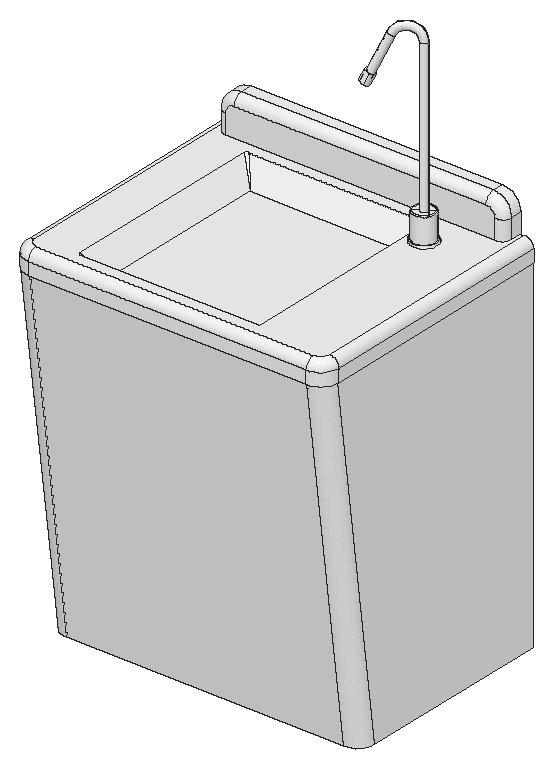
Revit family "NBS_HeatraeSadia_DrnkngFntnPckgs_Superchill_25W", category Plumbing Fixtures, Revit 2014
Parameters (values of type "Superchill25W")
  Width = 432.00 mm
  Weight = "27 kg (full)"
  WaterChillingSystem = "Tubular direct grade 304 (1.4301) stainless steel chilling coil"
  Waste Connection = yes
  WarrantyStartDate = "1900-12-31T23:59:59"
  WarrantyGuarantorParts [instance] = "n/a"
  WarrantyGuarantorLabor = "n/a"
  WarrantyDurationUnit = "year"
  WarrantyDurationParts = "2"
  WarrantyDurationLabor = "2"
  WarrantyDescription = "n/a"
  Version = "1"  # constant formula
  Vent Connection = no
  UsageCurrent = 0
  Uniclass2015Version = "Products v1.1"  # constant formula
  Uniclass2015Reference = "Pr_40_20_87_24"
  Uniclass2015Description = "Drinking fountains"
  Uniclass2 = "45-90-46/428"
  ThirdPartyCertification = "WRAS listed"
  TagNumber [instance] = "n/a"
  SustainabilityPerformance = "n/a"
  SupplyPressureRange = "1.0-3.5 bar"
  StorageWaterHeaterMaterial = NBS_Concept
  Size = "775 x 432 x 360 mm"
  Shape = "n/a"
  SerialNumber [instance] = "n/a"
  Revision = "n/a"
  ReplacementCost = "n/a"
  ProductInformation = "www.heatraesadia.com/docs/Drinking_water_brochure.pdf"
  PhaseReference = "n/a"
  PhaseAngle = 0.00°
  OutletTemperatureRange = "6-12°C"
  NumberOfPoles = 0
  NominalWidth = Depth  # 360.00 mm
  NominalVoltage = "230.0, 240.0"
  NominalLength = Width  # 432.00 mm
  NominalHeight = Height  # 775.00 mm
  NominalFrequencyRange = "0"
  NominalCurrent = 0
  Name = "DrinkingFountainPackages_Superchill25W_HeatraeSadia"
  NBSTypeID = "n/a"
  NBSReference = "45-35-70/400"
  NBSOfficeMasterTag = "n/a"
  NBSNote = "n/a"
  NBSDescription = "Drinking fountain packages"
  NBSCertification = "http://www.nationalbimlibrary.com/cert/n3ol4geo"
  MountingHeight [instance] = 1000.00 mm
  ModelReference = "Superchill 25W"
  ModelNumber = "95:200:226"
  Material = "Outer casing: Stainless steel effect plastic-coated, corrosion proofed steel; Water collection sink: Stainless steel"
  ManufacturerURL = "www.heatraesadia.com"
  ManufacturerName = "Heatrae Sadia"  # constant formula
  Manufacturer = "specifier@heatraesadia.com"
  IntegralAccessories = "Cup holder (95:970:127)"
  InsulationStandardClass = "n/a"
  InstallationDate [instance] = "1900-12-31T23:59:59"
  In-lineFilterSystem = "Factory-fitted Everpure QL3 head with replaceable cartridge (Everpure 4C), 0.5 micron filtration, taste and odour eliminating"
  IfcExportType = "FREESTANDINGWATERCOOLER"  # constant formula
  IfcExportAs = "IfcElectricApplianceType"  # constant formula
  IPCode = "IPX2"
  Height = 775.00 mm
  HasProtectiveEarth = no
  HW Connection = no
  Grade = "n/a"
  FormWaterSupply = "Chilled, filtered supply to jet"
  FormWastes = "Integral 1¼\" BSP waste outlet connection"
  FormUnit = "Wall mounted"
  FlowRate = "25 L/hr"
  Finish = "Brushed"
  Features = "For use at any height, supplied with both a filler tap and water fountain, factory-fitted with in-line water filter for added water purity, fan-cooled condenser"
  ExpectedLife = "n/a"
  ElectricalDeviceNominalPower = 0
  DurationUnit = "year"
  Description = "Chilled drinking water fountain"
  Depth = 360.00 mm
  Controls = "Lever-operated filler tap and push button"
  Constituents = "n/a"
  Connections = "8 mm female push fit inlet connection with supplied 8 mm male adapter, 24 mm drain tube"
  CompressorPower = "1/6 hp"
  Color = "Natural"
  CodePerformance = "n/a"
  Category = "n/a"
  CW Connection = yes
  BodyHeight = Height - 270.00 mm  # 505.00 mm
  BarCode [instance] = "n/a"
  BIMObjectName = "NBS_HeatraeSadia_DrinkingFountainPackages_Superchill25W"
  Author = "NBS"  # constant formula
  AssetType = "Fixed"
  AssetIdentifier [instance] = "n/a"
  AccessibilityPerformance = "n/a"
Reference planes
  plane 1 "Center (Front/Back)": y = 0
  plane 2: z = 0
  plane 3 "Center (Left/Right)": x = 0
  plane 4: y = -180
  plane 5: x = -216
  plane 6: x = 216
  plane 7: z = 1000
  plane 8: y = 180
  plane 9: z = 970
  plane 10: z = 1270
  plane 11: y = -115
  plane 12: z = 495
  plane 13: through (164.755, 127.12, 1200) normal (0.5238, -0.8518, 0)
Forms (mm)
  Sweep 1, solid, material "NBS_Concept" <- "StorageWaterHeaterMaterial", detail levels medium+fine
    path origin (-136, -1524, 970) x (0, -1, 0) y (1, 0, 0)
      loop
        line (-1704, -80) -> (-1368.885, -80)
        arc (-1368.885, -80) -> (-1351.289, -72.711) -> (-1344, -55.115) r 24.885
        line (-1344, -55.115) -> (-1344, 327.115)
        arc (-1344, 327.115) -> (-1351.289, 344.711) -> (-1368.885, 352) r 24.885
        line (-1368.885, 352) -> (-1704, 352)
    profile origin (-216, 12.442, 970) x (1, 0, 0) y (0, 0, 1)
      loop
        line (24.375, 30) -> (12.643, 30)
        arc (12.643, 30) -> (3.703, 26.297) -> (0, 17.357) r 12.643
        line (0, 17.357) -> (0, 0) -> (24.375, 0) -> (24.375, 30)
  Extrusion 2, solid, material "NBS_Concept" <- "StorageWaterHeaterMaterial", detail levels medium+fine
    sketch origin (-136, -1524, 970) x (0, -1, 0) y (-1, 0, 0)
      loop
        line (-1368.885, 55.625) -> (-1704, 55.625) -> (-1704, -327.625) -> (-1368.885, -327.625)
        arc (-1368.885, -327.625) -> (-1368.524, -327.476) -> (-1368.375, -327.115) r 0.51
        line (-1368.375, -327.115) -> (-1368.375, 55.115)
        arc (-1368.375, 55.115) -> (-1368.524, 55.476) -> (-1368.885, 55.625) r 0.51
    from -30 to 0
  Blend 3, solid, material "NBS_Concept" <- "StorageWaterHeaterMaterial", detail levels medium+fine
    base sketch origin (-136, -1524, 970) x (0, -1, 0) y (1, 0, 0)
      loop
        line (-1345, -55.115) -> (-1345, 327.115)
        arc (-1345, 327.115) -> (-1351.996, 344.004) -> (-1368.885, 351) r 23.885
        line (-1368.885, 351) -> (-1704, 351) -> (-1704, -79) -> (-1368.885, -79)
        arc (-1368.885, -79) -> (-1351.996, -72.004) -> (-1345, -55.115) r 23.885
    top sketch origin (-136, -1524, 970) x (0, -1, 0) y (1, 0, 0)
      loop
        line (-1409, -55.115) -> (-1409, 327.115)
        arc (-1409, 327.115) -> (-1415.996, 344.004) -> (-1432.885, 351) r 23.885
        line (-1432.885, 351) -> (-1704, 351) -> (-1704, -79) -> (-1432.885, -79)
        arc (-1432.885, -79) -> (-1415.996, -72.004) -> (-1409, -55.115) r 23.885
    from 0 to -475
  Blend 4, void
    base sketch origin (-136, -1524, 970) x (0, -1, 0) y (1, 0, 0)
      loop
        arc (-1661.162, -5.293) -> (-1659.991, -8.121) -> (-1657.162, -9.293) r 4
        line (-1657.162, -9.293) -> (-1375.186, -9.293)
        arc (-1375.186, -9.293) -> (-1372.357, -8.121) -> (-1371.186, -5.293) r 4
        line (-1371.186, -5.293) -> (-1371.186, 240.661) -> (-1661.162, 240.661) -> (-1661.162, -5.293)
    top sketch origin (-136, -1524, 970) x (0, -1, 0) y (1, 0, 0)
      loop
        line (-1395.282, 14.804) -> (-1395.282, 216.564) -> (-1637.066, 216.564) -> (-1637.066, 14.804) -> (-1395.282, 14.804)
    from 30 to 0
  Revolve 5, solid, material "NBS_Concept" <- "StorageWaterHeaterMaterial", detail levels fine
    sketch origin (101.838, 88.432, 1200) x (0.851837, 0.523807, 0) y (0, 0, 1)
      loop
        arc (15.137, -162) -> (14.429, -162.293) -> (14.137, -163) r 1
        line (14.137, -163) -> (14.137, -197) -> (11.701, -197)
        arc (11.701, -197) -> (11.46, -198.517) -> (11.058, -200) r 14.354
        line (11.058, -200) -> (23.913, -200) -> (23.913, -162) -> (15.137, -162)
      axis (28.913, -162) -> (28.913, -200)
    angle from 0 to 360
  Sweep 6, solid, material "NBS_Concept" <- "StorageWaterHeaterMaterial"
    path origin (164.755, 127.12, 1200) x (0.851837, 0.523807, 0) y (0, 0, 1)
      loop
        line (-44.947, -200) -> (-44.947, 46.595)
        arc (-44.947, 46.595) -> (-59.368, 64.564) -> (-80.032, 54.374) r 18.405
        line (-80.032, 54.374) -> (-109.223, -8.226)
    profile origin (126.468, 103.577, 1123.298) x (-0.851837, -0.523807, 0) y (0.523807, -0.851837, 0)
      loop
        circle (0, 0) r 5
  Extrusion 7, solid, material "NBS_Concept" <- "StorageWaterHeaterMaterial", detail levels fine
    sketch origin (71.715, 69.909, 1191.774) x (0.523807, -0.851837, 0) y (-0.772027, -0.47473, 0.422618)
      loop
        circle (0, 0) r 5
      loop
        circle (0, 0) r 6.5
    from 0 to -14.857
  Sweep 8, solid, material "NBS_Concept" <- "StorageWaterHeaterMaterial", detail levels medium+fine
    path origin (-1338.894, 180, 1200) x (-1, 0, 0) y (0, 0, 1)
      loop
        line (-1140.808, -200) -> (-1140.808, -173.122)
        arc (-1140.808, -173.122) -> (-1148.097, -155.523) -> (-1165.696, -148.234) r 24.888
        line (-1165.696, -148.234) -> (-1512.13, -148.234)
        arc (-1512.13, -148.234) -> (-1529.728, -155.523) -> (-1537.017, -173.122) r 24.888
        line (-1537.017, -173.122) -> (-1537.017, -200)
    profile origin (0.018, 180, 1051.766) x (0, 0, -1) y (0, 1, 0)
      loop
        arc (0, -15.165) -> (3.718, -24.141) -> (12.694, -27.859) r 12.694
        line (12.694, -27.859) -> (12.694, 0) -> (0, 0) -> (0, -15.165)
  Extrusion 9, solid, material "NBS_Concept" <- "StorageWaterHeaterMaterial", detail levels medium+fine
    sketch origin (-1338.894, 180, 1200) x (-1, 0, 0) y (0, 0, 1)
      loop
        arc (-1153.502, -173.122) -> (-1157.073, -164.499) -> (-1165.696, -160.928) r 12.194
        line (-1165.696, -160.928) -> (-1512.13, -160.928)
        arc (-1512.13, -160.928) -> (-1520.752, -164.499) -> (-1524.323, -173.122) r 12.194
        line (-1524.323, -173.122) -> (-1524.323, -200) -> (-1153.502, -200) -> (-1153.502, -173.122)
    from -27.859 to 0
  Extrusion 10, solid, material "NBS_Concept" <- "StorageWaterHeaterMaterial", detail levels coarse
    sketch origin (-136, -1524, 970) x (0, -1, 0) y (-1, 0, 0)
      loop
        line (-1704, 80) -> (-1704, -352) -> (-1344, -352) -> (-1344, 80) -> (-1704, 80)
    from -30 to 0
  Extrusion 11, solid, material "NBS_Concept" <- "StorageWaterHeaterMaterial", detail levels coarse
    sketch origin (-1338.894, 180, 1200) x (-1, 0, 0) y (0, 0, 1)
      loop
        line (-1140.808, -200) -> (-1140.808, -148.234) -> (-1537.017, -148.234) -> (-1537.017, -200) -> (-1140.808, -200)
    from -27.859 to 0
  Blend 12, solid, material "NBS_Concept" <- "StorageWaterHeaterMaterial", detail levels coarse
    base sketch origin (-136, -1524, 970) x (0, -1, 0) y (1, 0, 0)
      loop
        line (-1704, -79) -> (-1345, -79) -> (-1345, 351) -> (-1704, 351) -> (-1704, -79)
    top sketch origin (-136, -1524, 970) x (0, -1, 0) y (1, 0, 0)
      loop
        line (-1409, 352) -> (-1704, 352) -> (-1704, -80) -> (-1409, -80) -> (-1409, 352)
    from 0 to -475
  Extrusion 13, solid, not visible, detail levels coarse
    sketch origin (-136, -1524, 970) x (0, -1, 0) y (-1, 0, 0)
      loop
        circle (-1653.75, 10) r 4
      loop
        circle (-1616.499, -34.353) r 4.763
    from 470 to 475
Cuts and joins
  Blend 4 cuts Extrusion 2
  joined: Sweep 1, Extrusion 2
  joined: Sweep 8, Extrusion 9
  Blend 4 cuts Extrusion 10
Dimensions and locks
  equal spacing: plane 5, plane 3 "Center (Left/Right)", plane 6
  "Width": plane 5 to plane 6
  equal spacing: plane 8, plane 1 "Center (Front/Back)", plane 4
  "Depth": plane 8 to plane 4
  locked: plane 7 to plane 9 at 30
  locked: plane 8 to plane 11 at 295
  "MountingHeight": plane 7 to level
  "BodyHeight": plane 7 to plane 12
  "Height": plane 10 to plane 12
  locked: Extrusion 13 to plane 12 at 5
  aligned and locked: level to plane 2
  aligned and locked: Sweep 1 sketch curve to plane 5
  aligned and locked: Sweep 1 sketch curve to plane 4
  aligned and locked: plane 6 to Sweep 1 sketch curve
  aligned and locked: plane 8 to Sweep 1 sketch curve  (x2)
  aligned and locked: plane 5 to Sweep 1 sketch curve
  aligned and locked: plane 7 to Sweep 1 sketch curve
  aligned and locked: plane 9 to Sweep 1 sketch curve
  aligned and locked: Extrusion 2 to plane 7
  aligned and locked: plane 9 to Extrusion 2
  aligned and locked: Blend 3 sketch curve to plane 8
  aligned and locked: plane 8 to Blend 3 sketch curve
  aligned and locked: Blend 3 to plane 9
  aligned and locked: plane 9 to Blend 4
  aligned and locked: Blend 4 to plane 7
  aligned and locked: Extrusion 7 to Sweep 6
  aligned and locked: plane 7 to Extrusion 9 sketch curve
  aligned and locked: Extrusion 9 to Sweep 8
  aligned and locked: plane 8 to Extrusion 9
  aligned and locked: Blend 3 to plane 12
  aligned and locked: plane 5 to Extrusion 10 sketch curve
  aligned and locked: plane 4 to Extrusion 10 sketch curve
  aligned and locked: Extrusion 10 sketch curve to plane 6
  aligned and locked: Extrusion 10 sketch curve to plane 8
  aligned and locked: plane 9 to Extrusion 10
  aligned and locked: Extrusion 10 to plane 7
  aligned and locked: Extrusion 11 sketch curve to cut or joined group of Sweep 8, Extrusion 9  (x2)
  aligned and locked: Extrusion 11 to cut or joined group of Sweep 8, Extrusion 9
  aligned and locked: plane 8 to Extrusion 11
  aligned and locked: Blend 12 sketch curve to plane 8  (x2)
  aligned and locked: Blend 12 sketch curve to plane 11
  aligned and locked: plane 5 to Blend 12 sketch curve
  aligned and locked: Blend 12 sketch curve to plane 6
  aligned and locked: Blend 12 to plane 12
  aligned and locked: Blend 12 to plane 9
  aligned and locked: Blend 3 to Extrusion 13
Automatic sketch dimensions
  plane 4 to Sweep 1 sketch curve = 24.885 mm
  Sweep 1 sketch curve to plane 6 = 24.885 mm
  Sweep 1 sketch curve to Sweep 1 sketch curve = 12.643 mm
  Sweep 1 sketch curve to Sweep 1 sketch curve = 11.732 mm
  Extrusion 2 sketch curve to plane 8 = 0.00 mm
  plane 4 to Extrusion 2 sketch curve = 24.885 mm  (x2)
  Extrusion 2 sketch curve to Extrusion 2 sketch curve = 0.51 mm
  plane 5 to Extrusion 2 sketch curve = 24.375 mm
  Extrusion 2 sketch curve to plane 6 = 24.885 mm
  plane 4 to Blend 3 sketch curve = 24.885 mm  (x2)
  plane 4 to Blend 3 sketch curve = 1.00 mm
  Blend 3 sketch curve to plane 6 = 1.00 mm  (x2)
  plane 4 to Blend 3 sketch curve = 88.885 mm
  plane 5 to Blend 3 sketch curve = 1.00 mm
  Blend 4 sketch curve to plane 8 = 42.838 mm
  Blend 4 sketch curve to Blend 4 sketch curve = 4.00 mm  (x2)
  plane 4 to Blend 4 sketch curve = 31.186 mm
  plane 11 to Blend 4 sketch curve = 13.718 mm
  Blend 4 sketch curve to plane 8 = 66.934 mm
  plane 3 "Center (Left/Right)" to Blend 4 sketch curve = 80.564 mm
  plane 7 to Revolve 5 sketch curve = 0.00 mm  (x2)
  Revolve 5 sketch curve to plane 7 = 4.49 mm
  Revolve 5 sketch curve to Revolve 5 sketch curve = 13.634 mm
  Revolve 5 sketch curve to plane 7 = 3.00 mm
  Revolve 5 sketch curve to Revolve 5 sketch curve = 2.436 mm
  Revolve 5 sketch curve to Revolve 5 sketch curve = 1.00 mm
  Revolve 5 sketch curve to Revolve 5 sketch curve = 8.777 mm
  Revolve 5 sketch curve to Revolve 5 sketch curve = 34.00 mm
  Revolve 5 sketch curve to Revolve 5 sketch curve = 5.00 mm
  Revolve 5 sketch curve to Revolve 5 sketch curve = 0.00 mm
  plane 13 to Sweep 6 sketch curve = 0.00 mm
  Sweep 6 sketch curve to profile plane = 0.00 mm
  Sweep 8 sketch curve to plane 7 = 0.00 mm  (x2)
  Sweep 8 sketch curve to plane 7 = 26.878 mm
  Sweep 8 sketch curve to plane 8 = 0.00 mm
  Sweep 8 sketch curve to profile plane = 0.00 mm
  Sweep 8 sketch curve to profile plane = 12.694 mm
  Sweep 8 sketch curve to plane 8 = 15.165 mm
  Extrusion 9 sketch curve to plane 7 = 26.878 mm
  Extrusion 9 sketch curve to Extrusion 9 sketch curve = 12.194 mm  (x2)
  plane 7 to Sweep 6 sketch curve = 0.00 mm
  Sweep 6 sketch curve to plane 10 = 15.626 mm
  Sweep 6 sketch curve to Sweep 6 sketch curve = 16.68 mm
  Sweep 6 sketch curve to Sweep 6 sketch curve = 18.405 mm
  Sweep 6 sketch curve to plane 10 = 78.226 mm
  Sweep 6 sketch curve to Sweep 6 sketch curve = 29.191 mm
  plane 5 to Blend 3 sketch curve = 24.885 mm
  plane 11 to Blend 3 sketch curve = 0.00 mm
  plane 5 to Blend 4 sketch curve = 74.707 mm
  plane 5 to Blend 4 sketch curve = 94.804 mm
  plane 5 to Sweep 8 sketch curve = 42.801 mm
  plane 5 to Sweep 8 sketch curve = 17.914 mm
  plane 5 to Extrusion 9 sketch curve = 42.801 mm
  Blend 3 sketch curve to plane 11 = 23.885 mm
  plane 3 "Center (Left/Right)" to Blend 4 sketch curve = 104.661 mm
  Sweep 8 sketch curve to plane 6 = 42.765 mm
  Sweep 8 sketch curve to plane 6 = 17.877 mm
  Extrusion 9 sketch curve to plane 6 = 42.765 mm
  Extrusion 11 sketch curve to plane 7 = 0.00 mm
  plane 5 to Extrusion 11 sketch curve = 17.914 mm
  plane 5 to Blend 12 sketch curve = 1.00 mm
  plane 4 to Blend 12 sketch curve = 1.00 mm
  Blend 12 sketch curve to plane 6 = 1.00 mm
  Extrusion 13 sketch curve to plane 8 = 50.25 mm
  plane 5 to Extrusion 13 sketch curve = 70.00 mm
  Extrusion 13 sketch curve to plane 6 = 317.647 mm
  Extrusion 13 sketch curve to plane 8 = 87.501 mm
  radius of Sweep 6 sketch curve = 5.00 mm
  radius of Extrusion 7 sketch curve to Sweep 6 = 0.00 mm
  radius of Sweep 6 to Extrusion 7 sketch curve = 1.50 mm
  radius of Extrusion 13 sketch curve = 4.00 mm
  radius of Extrusion 13 sketch curve = 4.763 mm
Connectors
  piping at (-146, 129.75, 495), diameter 8, driven by "CW Connection"
    settings: on Extrusion 13, index 1, connector inside diameter 609.6 mm, connector length 0.00 mm, flow factor 0, pipe flow 0.0 L/s, pressure drop 0.0 Pa, fitting loss kfactor 0, connector angle 0.00°, fixture units 0, engagement length 0.00 mm, angle of deflection 0.00°, flow configuration 0, flow direction 1, fitting loss method 0, system type 20, joint type 0, gender type 0, connector reference index -1, connector utility 1, adjustable connector no, is connector primary yes, connector description "ColdWaterInlet"
  piping at (-101.647, 92.499, 495), diameter 9.5, driven by "Waste Connection"
    settings: on Extrusion 13, index 2, connector inside diameter 609.6 mm, connector length 0.00 mm, flow factor 0, pipe flow 0.0 L/s, pressure drop 0.0 Pa, fitting loss kfactor 0, connector angle 0.00°, fixture units 0, engagement length 0.00 mm, angle of deflection 0.00°, flow configuration 0, flow direction 2, fitting loss method 0, system type 16, joint type 0, gender type 0, connector reference index -1, connector utility 1, adjustable connector no, is connector primary no, connector description "WasteOutlet"
